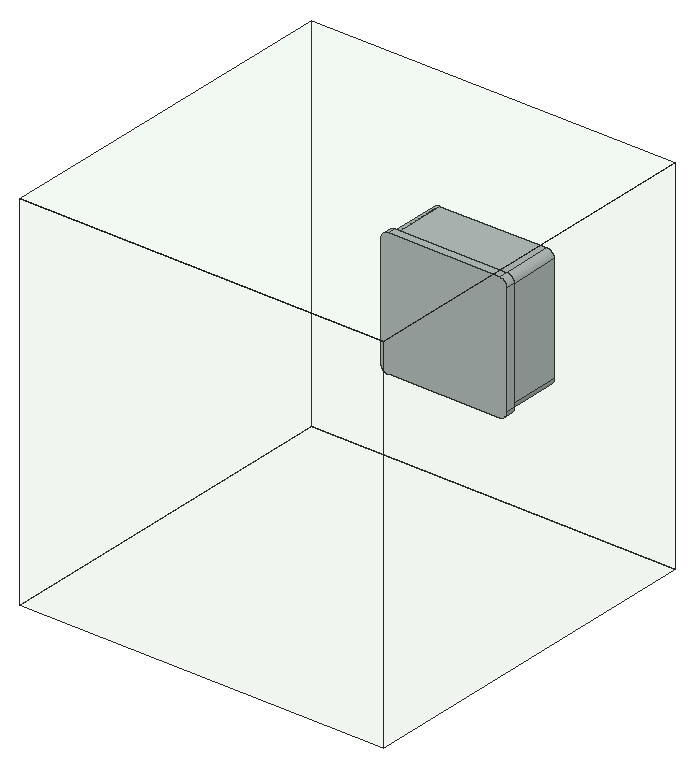
Revit family "ZETA_Коробка_Распределительная_100х100х40_IP40", category Электрические приборы, Revit 2021
Family settings
  Сохранять ориентацию аннотаций = Нет
  Размер круглого соединителя = Использовать диаметр
  Тип детали = Нормальный
  На основе рабочей плоскости = Да
  Всегда вертикально = Да
  При загрузке вырезать с полостями = Нет
  Общий = Нет
  Точка принадлежности помещению = Да
Parameters (values of type "100х100х50_КР_IP_40")
  Установочное отверстие для ввода = size_lookup(LT, "Установочное отверстие для ввода", "", ADSK_Размер_Длина, ADSK_Размер_Ширина, ADSK_Размер_Высота)  # "Без отверстий"
  УГО_Смещение_Y [instance] = 0 mm
  УГО_Смещение_X [instance] = 0 mm
  Тип_Геометрия = ZETA_Коробка_Распределительная_100х100х40(50) : 100х100х50_КР_IP_40
  Температура эксплуатации = "От -60°С до +150°С"  # constant formula
  Потолочное размещение [instance] = no
  Default Elevation = 1219.2 mm
  Описание = "Коробка распределительная стальная предназначена для обеспечения механической защиты, соединения, ответвления и протяжки электрических кабелей и проводов."  # constant formula
  Материал корпуса = Zeta_Сталь оцинкованная_цвет-серый
  Марка = ""
  Климатическое исполнение = "УХЛ 1.5"  # constant formula
  Использовать масштаб аннотаций [instance] = 0
  Изготовитель = "АО «ЗЭТА»"  # constant formula
  Изготавливается по = "ТУ 27.12.40-071-99856433-2024"  # constant formula
  Видимость отверстий = ADSK_Размер_Высота = 40.5 mm  # no
  Видимость обозначения КР IP40 = not(Видимость отверстий)  # yes
  Видимость крышки [instance] = yes
  В_УГО_Смещение_Y [instance] = УГО_Смещение_Y + 2000 mm  # 2000 mm
  В_УГО_Смещение_X [instance] = УГО_Смещение_X + 2000 mm  # 2000 mm
  URL = "https://nzeta.ru/"
  LT = "КР"  # constant formula
  D2 = 26 mm  # constant formula
  Hk = size_lookup(LT, "Hk", 1 mm, ADSK_Размер_Длина, ADSK_Размер_Ширина, ADSK_Размер_Высота)  # 7 mm
  D1 = 21 mm  # constant formula
  ADSK_Ток = 0 A  # constant formula
  ADSK_Степень защиты_IP = size_lookup(LT, "ADSK_Степень защиты_IP", "", ADSK_Размер_Длина, ADSK_Размер_Ширина, ADSK_Размер_Высота)  # "IP40"
  ADSK_Размер_Ширина = 104 mm
  ADSK_Размер_УголПоворота [instance] = if(Потолочное размещение, -90.00°, 0.00°)  # 0.00°
  ADSK_Размер_Длина = 104 mm
  ADSK_Размер_Высота = 51 mm
  ADSK_Пусковой ток = 0 A  # constant formula
  ADSK_Примечание [instance] = ""
  ADSK_Предел огнестойкости экземпляра = ""
  ADSK_Предел огнестойкости = ""
  ADSK_Полная мощность = 0 VA  # constant formula
  ADSK_Позиция на схеме [instance] = ""
  ADSK_Позиция [instance] = ""
  ADSK_Обозначение = "КР"  # constant formula
  ADSK_Номинальная мощность = 0 W  # constant formula
  ADSK_Номер стояка [instance] = ""
  ADSK_Напряжение = 0 V  # constant formula
  ADSK_Наименование краткое = size_lookup(LT, "ADSK_Наименование краткое", "", ADSK_Размер_Длина, ADSK_Размер_Ширина, ADSK_Размер_Высота)  # "Коробка 100х100х50"
  ADSK_Наименование = size_lookup(LT, "ADSK_Наименование", "", ADSK_Размер_Длина, ADSK_Размер_Ширина, ADSK_Размер_Высота)  # "Коробка распределительная стальная 100х100х50 IP40 ГОФРОМАТИК"
  ADSK_Материал наименование = "Сталь оцинкованная"  # constant formula
  ADSK_Масса_Текст = "0.324"
  ADSK_Масса = size_lookup(LT, "ADSK_Масса", 5, ADSK_Размер_Длина, ADSK_Размер_Ширина, ADSK_Размер_Высота)  # 0.324
  ADSK_Марка = size_lookup(LT, "ADSK_Марка", "", ADSK_Размер_Длина, ADSK_Размер_Ширина, ADSK_Размер_Высота)  # "КР 100х100х50"
  ADSK_Кратность пускового тока = 0  # constant formula
  ADSK_Коэффициент мощности = 1  # constant formula
  ADSK_Количество фаз числовое = 1  # constant formula
  ADSK_Количество фаз = 1  # constant formula
  ADSK_Количество = 1  # constant formula
  ADSK_Код изделия = size_lookup(LT, "ADSK_Код изделия", "", ADSK_Размер_Длина, ADSK_Размер_Ширина, ADSK_Размер_Высота)  # "zeta30320"
  ADSK_Классификация нагрузок = Прочее
  ADSK_КПД = 0  # constant formula
  ADSK_Завод-изготовитель = "АО «ЗЭТА»"  # constant formula
  ADSK_Единица измерения = "шт"  # constant formula
  ADSK_Версия семейства = "v.1"  # constant formula
  ADSK_Версия Revit = "2021"  # constant formula
  ADSK_URL страницы изделия = "https://nzeta.ru/catalog/?q=zeta30320"
  ADSK_URL документации изделия = ""
Reference planes
  plane 1 "По центру (Вперед/Назад)": y = 0
  plane 2: z = 0
  plane 3 "По центру (Влево/Вправо)": x = 0
  plane 4: x = -2000
  plane 5: y = -2000
  plane 6: x = 0
  plane 7: y = 0
Lines and regions (mm)
  reference lines
    curve 1: line (0, 0, 0) -> (0, 0, 720)
    curve 2: line (0, 0, 0) -> (0, -540, 0)
Dimensions and locks
  "В_УГО_Смещение_X": plane 4 to plane 6
  "В_УГО_Смещение_Y": plane 7 to plane 5
  "ADSK_Размер_УголПоворота": angle plane 1 "По центру (Вперед/Назад)" to curve 1
  locked: curve 2 to curve 1 (angle 90.00°)
  aligned and locked: level to plane 2
  aligned and locked: nested 1 to curve 2
  aligned and locked: nested 1 to curve 1
  aligned and locked: plane 6 to nested 2
  aligned and locked: nested 2 to plane 7
  aligned and locked: plane 2 to curve 2
  aligned and locked: plane 1 "По центру (Вперед/Назад)" to curve 2
Nested families
  nested 1: "ZETA_Коробка_Распределительная_100х100х40(50)" at (0, 0, 0) x (0, 0, 1) z (0, -1, 0), type <- "Тип_Геометрия", type "100х100х50_КР_IP_40", detail levels medium+fine
    with Использовать масштаб аннотаций 0, Видимость крышки yes, ADSK_Размер_УголПоворота 0.00°, ADSK_Примечание "", ADSK_Позиция на схеме "", ADSK_Позиция "", ADSK_Номер стояка ""
  nested 2: "УГО_Клеменная_Коробка_(GenAnn)" at (0, 0, 0), ADSK_Обозначение <- "ADSK_Обозначение", ADSK_Степень защиты_IP <- "ADSK_Степень защиты_IP", type "УГО_Клеменная_Коробка_(GenAnn)", detail levels coarse+medium
    with УГО_Длина 10 mm, УГО_Высота 5 mm, ADSK_Степень защиты_IP "IP40", ADSK_Обозначение "КР"
  nested 3: "Zeta_Зона обслуживания" at (0, 0, 0) x (-1, 0, 0) z (0, 0, 1), type "Зона обслуживания_Куб", detail levels medium+fine
    with Зона обслуживания_Ширина 300 mm, Зона обслуживания_Длина 300 mm, Зона обслуживания_Высота 300 mm
Connectors
  electrical at (0, 0, 0), driven by "ADSK_Количество фаз", driven by "ADSK_Классификация нагрузок", driven by "ADSK_Напряжение", driven by "ADSK_Полная мощность", driven by "ADSK_Коэффициент мощности"
    settings: on nested 1, index 1, voltage 0 V, apparent load 0 VA, apparent load phase1 0 VA, apparent load phase2 0 VA, apparent load phase3 0 VA, power factor 1, load classification "Прочее", number of poles 1, system type 30, power factor state 1, is connector primary yes, connector utility no, sub classification motor no, connector description ""
Definition of nested family "ZETA_Коробка_Распределительная_100х100х40(50)"
  Parameters (values of type "100х100х40_КР_IP_30")
    Установочное отверстие для ввода = size_lookup(LT, "Установочное отверстие для ввода", "", ADSK_Размер_Длина, ADSK_Размер_Ширина, ADSK_Размер_Высота)  # "С предвырубленными отверстиями"
    Температура эксплуатации = "От -60°С до +150°С"  # constant formula
    Default Elevation = 1219.2 mm
    Description = "Коробка распределительная стальная предназначена для обеспечения механической защиты, соединения, ответвления и протяжки электрических кабелей и проводов."  # constant formula
    Материал корпуса = none
    Марка = ""
    Климатическое исполнение = "УХЛ 1.5"  # constant formula
    Использовать масштаб аннотаций [instance] = 0
    Manufacturer = "АО ЗЭТАРУС / ГОФРОМАТИК"  # constant formula
    Изготавливается по = "ТУ 27.12.40-071-99856433-2024"  # constant formula
    Видимость отверстий = ADSK_Размер_Высота = 40.5 mm  # yes
    Видимость обозначения КР IP40 = not(Видимость отверстий)  # no
    Видимость крышки [instance] = yes
    URL = "https://nzeta.ru/"
    LT = "КР"  # constant formula
    D2 = 26 mm  # constant formula
    Hk = size_lookup(LT, "Hk", 1 mm, ADSK_Размер_Длина, ADSK_Размер_Ширина, ADSK_Размер_Высота)  # 1 mm
    D1 = 21 mm  # constant formula
    ADSK_Ток = 0 A  # constant formula
    ADSK_Степень защиты_IP = size_lookup(LT, "ADSK_Степень защиты_IP", "", ADSK_Размер_Длина, ADSK_Размер_Ширина, ADSK_Размер_Высота)  # "IP30"
    ADSK_Размер_Ширина = 101.5 mm
    ADSK_Размер_УголПоворота [instance] = 0.00°
    ADSK_Размер_Длина = 101.5 mm
    ADSK_Размер_Высота = 40.5 mm
    ADSK_Пусковой ток = 0 A  # constant formula
    ADSK_Примечание [instance] = ""
    ADSK_Предел огнестойкости экземпляра = ""
    ADSK_Предел огнестойкости = ""
    ADSK_Полная мощность = 0 VA  # constant formula
    ADSK_Позиция на схеме [instance] = ""
    ADSK_Позиция [instance] = ""
    ADSK_Обозначение = "КР"  # constant formula
    ADSK_Номинальная мощность = 0 W  # constant formula
    ADSK_Номер стояка [instance] = ""
    ADSK_Напряжение = 0 V  # constant formula
    ADSK_Наименование краткое = size_lookup(LT, "ADSK_Наименование краткое", "", ADSK_Размер_Длина, ADSK_Размер_Ширина, ADSK_Размер_Высота)  # "Коробка 100х100х40"
    ADSK_Наименование = size_lookup(LT, "ADSK_Наименование", "", ADSK_Размер_Длина, ADSK_Размер_Ширина, ADSK_Размер_Высота)  # "Коробка стальная с предвырубленными отверстиями 100х100х40 IP30 ГОФРОМАТИК"
    ADSK_Материал наименование = "Сталь оцинкованная"  # constant formula
    ADSK_Масса_Текст = "0.275"
    ADSK_Масса = size_lookup(LT, "ADSK_Масса", 5, ADSK_Размер_Длина, ADSK_Размер_Ширина, ADSK_Размер_Высота)  # 0.275
    ADSK_Марка = size_lookup(LT, "ADSK_Марка", "", ADSK_Размер_Длина, ADSK_Размер_Ширина, ADSK_Размер_Высота)  # "КР 100х100х40"
    ADSK_Кратность пускового тока = 0  # constant formula
    ADSK_Коэффициент мощности = 1  # constant formula
    ADSK_Количество фаз числовое = 1  # constant formula
    ADSK_Количество фаз = 1  # constant formula
    ADSK_Количество = 1  # constant formula
    ADSK_Код изделия = size_lookup(LT, "ADSK_Код изделия", "", ADSK_Размер_Длина, ADSK_Размер_Ширина, ADSK_Размер_Высота)  # "zeta30349"
    ADSK_Классификация нагрузок = none
    ADSK_КПД = 0  # constant formula
    ADSK_Завод-изготовитель = "АО ЗЭТАРУС / ГОФРОМАТИК"  # constant formula
    ADSK_Единица измерения = "шт"  # constant formula
    ADSK_Версия семейства = "v.1"  # constant formula
    ADSK_Версия Revit = "2021"  # constant formula
    ADSK_URL страницы изделия = "https://nzeta.ru/catalog/?q=zeta30349"
    ADSK_URL документации изделия = ""
  Types (3, lengths in mm): name | Установочное отверстие для ввода | Видимость отверстий | Видимость обозначения КР IP40 | Hk | ADSK_Степень защиты_IP | ADSK_Размер_Ширина | ADSK_Размер_Длина | ADSK_Размер_Высота | ADSK_Наименование краткое | ADSK_Наименование | ADSK_Масса_Текст | ADSK_Масса | ADSK_Марка | ADSK_Код изделия | ADSK_URL страницы изделия
    (no name) | "С предвырубленными отверстиями" | yes | no | 1 | "IP30" | 101.5 | 101.5 | 40.5 | "Коробка 100х100х40" | "Коробка стальная с предвырубленными отверстиями 100х100х40 IP30 ГОФРОМАТИК" | "0.275" | 0.275 | "КР 100х100х40" | "zeta30349" | "https://nzeta.ru/catalog/?q=zeta30349"
    100х100х40_КР_IP_30 | "С предвырубленными отверстиями" | yes | no | 1 | "IP30" | 101.5 | 101.5 | 40.5 | "Коробка 100х100х40" | "Коробка стальная с предвырубленными отверстиями 100х100х40 IP30 ГОФРОМАТИК" | "0.275" | 0.275 | "КР 100х100х40" | "zeta30349" | "https://nzeta.ru/catalog/?q=zeta30349"
    100х100х50_КР_IP_40 | "Без отверстий" | no | yes | 7 | "IP40" | 104 | 104 | 51 | "Коробка 100х100х50" | "Коробка распределительная стальная 100х100х50 IP40 ГОФРОМАТИК" | "0.324" | 0.324 | "КР 100х100х50" | "zeta30320" | "https://nzeta.ru/catalog/?q=zeta30320"
  Reference planes
    plane 1 "По центру (Вперед/Назад)": y = 0
    plane 2: z = 0
    plane 3 "По центру (Влево/Вправо)": x = 0
    plane 4: x = -50.75
    plane 5: x = 50.75
    plane 6: y = -50.75
    plane 7: y = 50.75
    plane 8: x = -50
    plane 9: x = 50
    plane 10: y = -50
    plane 11: y = 50
    plane 12: z = 40.5
    plane 13: z = 39.5
    plane 14: x = -49
    plane 15: x = 49
    plane 16: y = 49
    plane 17: y = -49
    plane 18: z = 1
    plane 19: z = 21
    plane 20: x = -30
    plane 21: x = 30
    plane 22: y = -30
    plane 23: y = 30
  Forms (mm)
    Extrusion 1, solid, material <- "Материал корпуса", detail levels medium+fine
      sketch origin (0, 0, 0) x (1, 0, 0) y (0, 1, 0)
        loop
          arc (-44, 50) -> (-48.243, 48.243) -> (-50, 44) r 6
          line (-50, 44) -> (-50, -44)
          arc (-50, -44) -> (-48.243, -48.243) -> (-44, -50) r 6
          line (-44, -50) -> (44, -50)
          arc (44, -50) -> (48.243, -48.243) -> (50, -44) r 6
          line (50, -44) -> (50, 44)
          arc (50, 44) -> (48.243, 48.243) -> (44, 50) r 6
          line (44, 50) -> (-44, 50)
      from 0 to 39.5
    Extrusion 2, void, detail levels medium+fine
      sketch origin (0, 0, 0) x (1, 0, 0) y (0, 1, 0)
        loop
          arc (-43, 49) -> (-47.243, 47.243) -> (-49, 43) r 6
          line (-49, 43) -> (-49, -43)
          arc (-49, -43) -> (-47.243, -47.243) -> (-43, -49) r 6
          line (-43, -49) -> (43, -49)
          arc (43, -49) -> (47.243, -47.243) -> (49, -43) r 6
          line (49, -43) -> (49, 43)
          arc (49, 43) -> (47.243, 47.243) -> (43, 49) r 6
          line (43, 49) -> (-43, 49)
      from 1 to 39.5
    Extrusion 3, solid, material <- "Материал корпуса", visible <- "Видимость крышки", detail levels medium+fine
      sketch origin (0, 0, 0) x (1, 0, 0) y (0, 1, 0)
        loop
          arc (-45.75, 50.75) -> (-49.286, 49.286) -> (-50.75, 45.75) r 5
          line (-50.75, 45.75) -> (-50.75, -45.75)
          arc (-50.75, -45.75) -> (-49.286, -49.286) -> (-45.75, -50.75) r 5
          line (-45.75, -50.75) -> (45.75, -50.75)
          arc (45.75, -50.75) -> (49.286, -49.286) -> (50.75, -45.75) r 5
          line (50.75, -45.75) -> (50.75, 45.75)
          arc (50.75, 45.75) -> (49.286, 49.286) -> (45.75, 50.75) r 5
          line (45.75, 50.75) -> (-45.75, 50.75)
      from 39.5 to 40.5
    Extrusion 4, void, detail levels medium+fine
      sketch origin (0, 0, 0) x (1, 0, 0) y (0, 0, 1)
        loop
          circle (0, 21) r 13
        loop
          circle (30, 21) r 10.5
        loop
          circle (-30, 21) r 10.5
      from -50 to 50
    Extrusion 5, void, detail levels medium+fine
      sketch origin (0, 0, 0) x (0, 1, 0) y (0, 0, 1)
        loop
          circle (-30, 21) r 10.5
        loop
          circle (0, 21) r 13
        loop
          circle (30, 21) r 10.5
      from -50 to 50
    Extrusion 6, void, detail levels medium+fine
      sketch origin (0, 0, 0) x (1, 0, 0) y (0, 1, 0)
        loop
          circle (30, 30) r 10.5
        loop
          circle (30, -30) r 10.5
        loop
          circle (-30, -30) r 13
      from 0 to 1
  Cuts and joins
    Extrusion 2, Extrusion 4, Extrusion 5, Extrusion 6 cuts Extrusion 1
  Dimensions and locks
    equal spacing: plane 4, plane 3 "По центру (Влево/Вправо)", plane 5
    "ADSK_Размер_Длина": plane 4 to plane 5
    equal spacing: plane 6, plane 1 "По центру (Вперед/Назад)", plane 7
    "ADSK_Размер_Ширина": plane 7 to plane 6
    equal spacing: plane 8, plane 3 "По центру (Влево/Вправо)", plane 9
    locked: plane 8 to plane 9 at 100
    equal spacing: plane 10, plane 1 "По центру (Вперед/Назад)", plane 11
    locked: plane 11 to plane 10 at 100
    "ADSK_Размер_Высота": plane 12 to level
    "Hk": plane 12 to plane 13
    locked: plane 8 to plane 14 at 1
    locked: plane 15 to plane 9 at 1
    locked: plane 11 to plane 16 at 1
    locked: plane 10 to plane 17 at 1
    locked: plane 18 to level at 1
    locked: plane 19 to level at 21
    plane 21 to plane 3 "По центру (Влево/Вправо)" to plane 20 = 30 mm, 30 mm
    plane 22 to plane 1 "По центру (Вперед/Назад)" to plane 23 = 30 mm, 30 mm
    "D1": diameter of Extrusion 4 sketch curve  (x2)
    "D2": diameter of Extrusion 4 sketch curve
    "D2": diameter of Extrusion 5 sketch curve
    "D1": diameter of Extrusion 5 sketch curve  (x2)
    "D1": diameter of Extrusion 6 sketch curve  (x2)
    "D2": diameter of Extrusion 6 sketch curve
    aligned and locked: level to plane 2
    aligned and locked: plane 11 to Extrusion 1 sketch curve
    aligned and locked: plane 8 to Extrusion 1 sketch curve
    aligned and locked: plane 10 to Extrusion 1 sketch curve
    aligned and locked: Extrusion 1 sketch curve to plane 9
    aligned and locked: plane 13 to Extrusion 1
    aligned and locked: Extrusion 2 sketch curve to plane 16
    aligned and locked: Extrusion 2 sketch curve to plane 14
    aligned and locked: Extrusion 2 sketch curve to plane 17
    aligned and locked: Extrusion 2 sketch curve to plane 15
    aligned and locked: Extrusion 1 to Extrusion 2
    aligned and locked: Extrusion 2 to plane 18
    aligned and locked: plane 7 to Extrusion 3 sketch curve
    aligned and locked: plane 4 to Extrusion 3 sketch curve
    aligned and locked: plane 6 to Extrusion 3 sketch curve
    aligned and locked: Extrusion 3 sketch curve to plane 5
    aligned and locked: plane 12 to Extrusion 3
    aligned and locked: Extrusion 3 to plane 13
    aligned and locked: Extrusion 4 to plane 11
    aligned and locked: Extrusion 4 to plane 10
    aligned and locked: plane 9 to Extrusion 5
    aligned and locked: Extrusion 5 to plane 8
    aligned and locked: Extrusion 6 to Extrusion 2
    aligned and locked: Extrusion 6 to level
  Automatic sketch dimensions
    Extrusion 1 sketch curve to Extrusion 1 sketch curve = 6 mm
    Extrusion 1 sketch curve to plane 9 = 6 mm  (x2)
    plane 10 to Extrusion 1 sketch curve = 6 mm
    Extrusion 2 sketch curve to Extrusion 2 sketch curve = 6 mm  (x2)
    plane 15 to Extrusion 2 sketch curve = 6 mm  (x2)
    plane 14 to Extrusion 3 sketch curve = 3.25 mm  (x2)
    plane 15 to Extrusion 3 sketch curve = 3.25 mm  (x2)
    Extrusion 4 sketch curve to plane 19 = 0 mm  (x3)
    Extrusion 4 sketch curve to plane 20 = 0 mm
    Extrusion 4 sketch curve to plane 3 "По центру (Влево/Вправо)" = 0 mm
    Extrusion 4 sketch curve to plane 21 = 0 mm
    Extrusion 5 sketch curve to plane 19 = 0 mm  (x3)
    Extrusion 5 sketch curve to plane 22 = 0 mm
    Extrusion 5 sketch curve to plane 1 "По центру (Вперед/Назад)" = 0 mm
    Extrusion 5 sketch curve to plane 23 = 0 mm
    Extrusion 6 sketch curve to plane 20 = 0 mm
    Extrusion 6 sketch curve to plane 21 = 0 mm  (x2)
    Extrusion 6 sketch curve to plane 22 = 0 mm  (x2)
    Extrusion 6 sketch curve to plane 23 = 0 mm
Definition of nested family "Zeta_Зона обслуживания"
  Parameters (values of type "Зона обслуживания_Куб")
    Default Elevation = 1219.2 mm
    Зона обслуживания_Ширина [instance] = 300 mm
    Зона обслуживания_Длина [instance] = 300 mm
    Зона обслуживания_Высота [instance] = 300 mm
  Reference planes
    plane 1 "По центру (Вперед/Назад)": y = 0
    plane 2: z = 0
    plane 3 "По центру (Влево/Вправо)": x = 0
    plane 4: x = -150
    plane 5: x = 150
    plane 6: y = 300
    plane 7: z = 150
    plane 8: z = -150
  Forms (mm)
    Extrusion 1, solid
      sketch origin (0, 0, 0) x (1, 0, 0) y (0, 1, 0)
        loop
          line (-150, 300) -> (-150, 0) -> (150, 0) -> (150, 300) -> (-150, 300)
      from -150 to 150
  Dimensions and locks
    equal spacing: plane 4, plane 3 "По центру (Влево/Вправо)", plane 5
    "Зона обслуживания_Ширина": plane 6 to plane 1 "По центру (Вперед/Назад)"
    "Зона обслуживания_Длина": plane 4 to plane 5
    equal spacing: plane 7, level, plane 8
    "Зона обслуживания_Высота": plane 7 to plane 8
    aligned and locked: level to plane 2
    aligned and locked: Extrusion 1 sketch curve to plane 6
    aligned and locked: plane 4 to Extrusion 1 sketch curve
    aligned and locked: Extrusion 1 sketch curve to plane 5
    aligned and locked: Extrusion 1 to plane 8
    aligned and locked: plane 7 to Extrusion 1
    aligned and locked: plane 1 "По центру (Вперед/Назад)" to Extrusion 1
  Automatic sketch dimensions
    plane 1 "По центру (Вперед/Назад)" to Extrusion 1 sketch curve = 0 mm
Definition of nested family "УГО_Клеменная_Коробка_(GenAnn)"
  Parameters (values of type "УГО_Клеменная_Коробка_(GenAnn)")
    УГО_Длина [instance] = 10 mm
    УГО_Высота [instance] = 5 mm
    ADSK_Степень защиты_IP [instance] = ""
    ADSK_Обозначение [instance] = ""
  Reference planes
    plane 1: y = 0
    plane 2: x = 0
  Lines and regions (mm)
    Filled region 1, type "Filled region 1"
      outline origin (0, 0, 0) x (1, 0, 0) y (0, 1, 0)
        loop
          line (-5, 2.5) -> (-5, -2.5) -> (5, -2.5) -> (5, 2.5) -> (-5, 2.5)
    reference lines
      curve 1: line (-5, 2.5, 0) -> (-5, -2.5, 0)
      curve 2: line (-5, -2.5, 0) -> (5, -2.5, 0)
      curve 3: line (5, 2.5, 0) -> (5, -2.5, 0)
      curve 4: line (-5, 2.5, 0) -> (5, 2.5, 0)
  Text (mm)
    label "KK IP 54" at (0.033, -0.03, 0), shows "ADSK_Обозначение", "ADSK_Степень защиты_IP"
  Dimensions and locks
    equal spacing: curve 1, plane 2, curve 3
    equal spacing: curve 2, plane 1, curve 4
    "УГО_Длина": curve 1 to curve 3
    "УГО_Высота": curve 2 to curve 4
    aligned and locked: Filled region 1 sketch curve to curve 4
    aligned and locked: Filled region 1 sketch curve to curve 1
    aligned and locked: Filled region 1 sketch curve to curve 2
    aligned and locked: Filled region 1 sketch curve to curve 3
